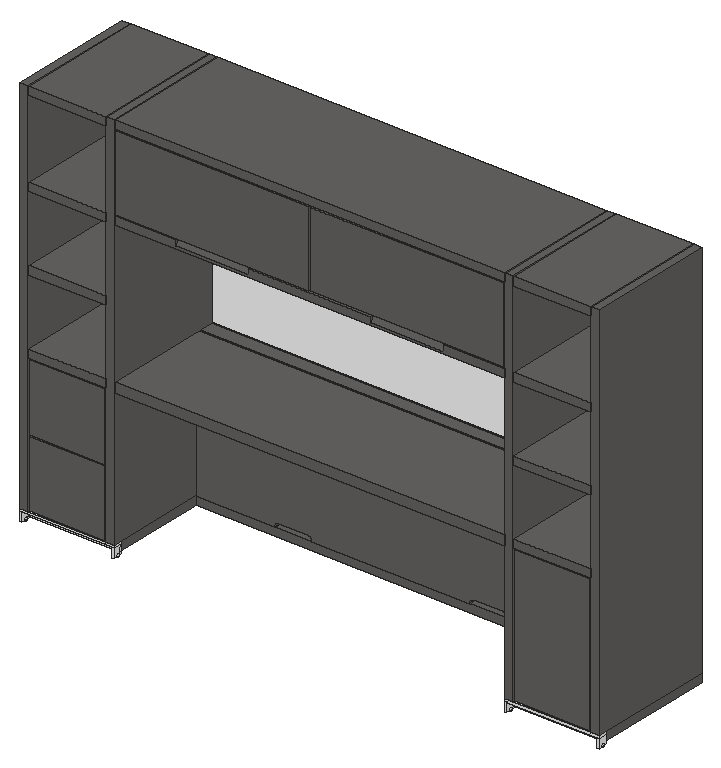
Revit family "Storage-Wall-Teknion-ZXDO_74_High_Without_Lights-R2011", category Furniture Systems, Revit 2013
Parameters (values of type "(See Type Catalog)")
  Working Wall Finish [instance] = Glass - Teknion - K6 - White Backpainted
  Width = 108 105/128"
  Warranty = "http://www.teknionstudio.com/pdfs/Teknion%20Studio%20Warranty.pdf"
  Wall Unit Finish [instance] = Veneer - Teknion - P7 - Grey Oak
  Unit Weight = 740.00 lbf
  URL = "www.teknionstudio.com"
  Right Storage Tower = Storage-Unit-Teknion-Tower : Upper Shelves & Lower Door
  Left Storage Tower = Storage-Unit-Teknion-Tower : Upper Shelves & File/File Pedestal
  Series = "B&B Italia"
  Product Page URL = "http://www.teknionstudio.com/acexecutive/"
  Product Line = "AC Executive"
  Product Documentation Link = "http://www.teknionstudio.com/pricing/ac_executive_storage_walls_ppg.pdf"
  Part Number = "ZXDO"
  Model = ""
  Manufacturer Phone = "919-464-2920"
  Manufacturer Fax = "919-464-2927"
  Manufacturer Email = "customersupport@teknionstudio.com"
  Manufacturer Address = "3940 US 70 Business HWY West, Clayton, NC 27520"
  Manufacturer = "Teknion Studio"  # constant formula
  Low Emitting Material = yes
  Low Emitting Finish = yes
  Height = 73.81394"
  Description = ""
  Depth = 24"
  Assembly Code = "E2020200"
Reference planes (in)
  plane 1 "Center F/B": y = -1
  plane 2: z = 0
  plane 3 "Right": x = 46.32157
  plane 4 "Back": y = 11
  plane 5 "Front": y = -13
  plane 6 "Top": z = 73.81394
  plane 7: x = 28.60504
  plane 8: z = 29.68402
  plane 9: z = 56.1289
  plane 10: x = -44.7822
  plane 11: z = 2.1289
  plane 12 "Center (L/R)": x = -8.08858
  plane 13 "Foot Centerline": y = -12.2126
  plane 14 "Foot Centerline Front": y = -11.22835
  plane 15 "Foot Centerline Back": y = 9.22835
  plane 16: y = -9.484
  plane 17: x = -62.49874
Forms (in)
  Sweep 1, solid, material "Veneer - Teknion - P7 - Grey Oak" <- "Wall Unit Finish"
    path origin (0, -1, 0) x (1, 0, 0) y (0, 0, 1)
      loop
        line (-44.7822, 29.68402) -> (28.60504, 29.68402)
    profile origin (-8.08858, -1, 29.68402) x (0, 0, 1) y (0, -1, 0)
      loop
        line (0, 12) -> (-1.7638, 12) -> (-1.7638, -7.11393) -> (-5.30827, -7.11393) -> (-5.30827, -7.08268) -> (-27.55512, -7.08268) -> (-27.55512, -7.11393) -> (-29.0945, -7.11393) -> (-29.0945, -12) -> (-27.55512, -12) -> (-27.55512, -7.80668) -> (-5.30828, -7.80668) -> (-5.30828, -12) -> (44.12992, -12) -> (44.12992, 12) -> (42.59022, 12) -> (42.59022, 11.2126) -> (27.98392, 11.2126) -> (27.98392, 12) -> (26.44488, 12) -> (26.44488, -10.94094) -> (0, -10.94094) -> (0, -10.90969) -> (-0.72441, -10.90969) -> (-0.72441, -10.56693) -> (0, -10.56693) -> (0, -8.05709) -> (-0.72441, -8.05709) -> (-0.72441, -7.80709) -> (0, -7.80709) -> (0, 12)
  Sweep 2, solid, material "Veneer - Teknion - P7 - Grey Oak" <- "Wall Unit Finish"
    path origin (0, 0, 15.40683) x (-1, 0, 0) y (0, -1, 0)
      loop
        line (0, 13) -> (0, 12.276)
    profile origin (0, -12.638, 15.40683) x (-1, 0, 0) y (0, 0, 1)
      loop
        line (44.5315, 42.5111) -> (44.5315, 56.6174) -> (8.21358, 56.6174) -> (8.21358, 42.5111) -> (44.5315, 42.5111)
      loop
        line (7.96358, 56.6174) -> (-28.35446, 56.6174) -> (-28.35446, 42.5111) -> (7.96358, 42.5111) -> (7.96358, 56.6174)
  Sweep 3, void
    path origin (0, -1, 0) x (1, 0, 0) y (0, 0, 1)
      loop
        line (-33.3248, 56.1289) -> (-19.54528, 56.1289)
    profile origin (-26.43504, -1, 56.1289) x (0, 0, 1) y (0, -1, 0)
      loop
        line (1.53937, 12) -> (0.43699, 12) -> (1.53937, 11.52755) -> (1.53937, 12)
  Sweep 4, void
    path origin (0, -1, 0) x (1, 0, 0) y (0, 0, 1)
      loop
        line (3.36811, 56.1289) -> (17.14821, 56.1289)
    profile origin (10.25816, -1, 56.1289) x (0, 0, 1) y (0, -1, 0)
      loop
        line (1.53937, 11.52755) -> (1.53937, 12) -> (0.43699, 12) -> (1.53937, 11.52755)
  Sweep 5, void
    path origin (0, 0, 15.40683) x (-1, 0, 0) y (0, -1, 0)
      loop
        line (0, -6.80668) -> (0, -6.08268)
    profile origin (0, 6.44468, 15.40683) x (1, 0, 0) y (0, 0, 1)
      loop
        line (13.68307, 8.96892) -> (6.79331, 8.96892) -> (6.79331, 8.10396)
        arc (6.79331, 8.10396) -> (7.02393, 7.54718) -> (7.58071, 7.31655) r 0.7874
        line (7.58071, 7.31655) -> (12.89567, 7.31655)
        arc (12.89567, 7.31655) -> (13.45245, 7.54718) -> (13.68307, 8.10396) r 0.7874
        line (13.68307, 8.10396) -> (13.68307, 8.96892)
      loop
        line (6.79331, -13.27793) -> (13.68307, -13.27793) -> (13.68307, -13.12045)
        arc (13.68307, -13.12045) -> (13.46398, -12.59152) -> (12.93504, -12.37242) r 0.74803
        line (12.93504, -12.37242) -> (7.54134, -12.37242)
        arc (7.54134, -12.37242) -> (7.0124, -12.59152) -> (6.79331, -13.12045) r 0.74803
        line (6.79331, -13.12045) -> (6.79331, -13.27793)
      loop
        line (-29.86024, 8.96892) -> (-29.86024, 8.10396)
        arc (-29.86024, 8.10396) -> (-29.62961, 7.54718) -> (-29.07283, 7.31655) r 0.7874
        line (-29.07283, 7.31655) -> (-23.75787, 7.31655)
        arc (-23.75787, 7.31655) -> (-23.2011, 7.54718) -> (-22.97047, 8.10396) r 0.7874
        line (-22.97047, 8.10396) -> (-22.97047, 8.96892) -> (-29.86024, 8.96892)
      loop
        line (-22.97047, -13.27793) -> (-22.97047, -13.12045)
        arc (-22.97047, -13.12045) -> (-23.18957, -12.59152) -> (-23.7185, -12.37242) r 0.74803
        line (-23.7185, -12.37242) -> (-29.1122, -12.37242)
        arc (-29.1122, -12.37242) -> (-29.64114, -12.59152) -> (-29.86024, -13.12045) r 0.74803
        line (-29.86024, -13.12045) -> (-29.86024, -13.27793) -> (-22.97047, -13.27793)
Cuts and joins
  Sweep 3, Sweep 4, Sweep 5 cuts Sweep 1
Lines and regions (in)
  Masking region 1
    outline origin (0, 0, 15.40683) x (-1, 0, 0) y (0, -1, 0)
      loop
        line (44.7822, -11) -> (44.7822, 13) -> (-28.60504, 13) -> (-28.60504, -11) -> (44.7822, -11)
  symbolic lines, style "Elevation Swing"
    curve 1: line (-44.7822, -13, 57.66827) -> (-26.43539, -13, 72.02424)
    curve 2: line (-8.08858, -13, 57.66832) -> (-26.43539, -13, 72.02424)
    curve 3: line (-8.08858, -1, 57.66832) -> (10.25823, -1, 72.19583)
    curve 4: line (10.25823, -1, 72.19583) -> (28.60504, -1, 57.66827)
  symbolic lines, style "FurnitureSystemsHiddenLines", detail levels fine
    curve 5: line (28.60504, -12.276, 15.40683) -> (-44.7822, -12.276, 15.40683)
Dimensions and locks (in)
  equal spacing: plane 4 "Back", plane 1 "Center F/B", plane 5 "Front"
  "Depth": plane 4 "Back" to plane 5 "Front"
  locked: plane 7 to plane 3 "Right" at 17.71654
  "Height": plane 6 "Top" to plane 2
  locked: plane 8 to plane 2 at 29.68402
  locked: plane 9 to plane 8 at 26.44488
  locked: plane 11 to plane 2 at 2.1289
  locked: plane 5 "Front" to plane 13 "Foot Centerline" at 0.7874
  locked: plane 11 to Sweep 1 sketch curve at 1.53939
  locked: plane 8 to Sweep 1 sketch curve at 1.7638
  locked: plane 5 "Front" to Sweep 2 sketch curve at 0.724
  plane 6 "Top" to Sweep 2 sketch curve to Sweep 2 sketch curve = 1.7897" locked, 14.1063" locked  (x2)
  Sweep 2 sketch curve to Sweep 2 sketch curve to plane 12 "Center (L/R)" to Sweep 2 sketch curve to Sweep 2 sketch curve = 36.31805" locked, 1/8" locked, 1/8" locked, 36.31791" locked
  locked: Sweep 3 sketch curve to Sweep 3 sketch curve at 13.77953
  locked: Sweep 3 sketch curve to plane 9 at 1.53937
  locked: Sweep 3 sketch curve to plane 9 at 0.43699
  locked: plane 5 "Front" to Sweep 3 sketch curve at 0.47245
  Sweep 4 sketch curve to Sweep 4 sketch curve to plane 9 = 1.10238" locked, 0.43699" locked
  locked: plane 5 "Front" to Sweep 4 sketch curve at 0.47245
  locked: Sweep 5 sketch curve to plane 11 at 0.90551  (x2)
  locked: Sweep 5 sketch curve to Sweep 5 sketch curve at 6.88976  (x4)
  plane 8 to Sweep 5 sketch curve to Sweep 5 sketch curve = 5.30827" locked, 1 167/256" locked  (x2)
  plane 4 "Back" to Sweep 5 sketch curve to Sweep 5 sketch curve = 4.19332" locked, 0.724" locked
  equal spacing: plane 12 "Center (L/R)", curve 2, plane 10
  equal spacing: plane 7, curve 4, plane 12 "Center (L/R)"
  locked: plane 5 "Front" to curve 5 at 0.724
  locked: plane 4 "Back" to plane 15 "Foot Centerline Back" at 1.77165
  locked: plane 5 "Front" to plane 14 "Foot Centerline Front" at 1.77165
  locked: plane 5 "Front" to plane 16 at 3.516
  locked: plane 17 to plane 10 at 17.71654
  equal spacing: plane 17, plane 12 "Center (L/R)", plane 3 "Right"
  "Width": plane 17 to plane 3 "Right"
  aligned and locked: level to plane 2
  aligned and locked: nested 1 to plane 3 "Right"
  aligned and locked: plane 10 to Sweep 1 sketch curve
  aligned and locked: plane 7 to Sweep 1 sketch curve
  aligned and locked: Sweep 1 sketch curve to plane 8  (x4)
  aligned and locked: Sweep 1 sketch curve to plane 5 "Front"
  aligned and locked: plane 4 "Back" to Sweep 1 sketch curve
  aligned and locked: plane 5 "Front" to Sweep 2 sketch curve
  aligned and locked: Sweep 1 sketch curve to plane 9
  aligned and locked: Sweep 3 sketch curve to plane 9
  aligned and locked: Sweep 4 sketch curve to plane 9
  aligned and locked: Sweep 4 sketch curve to plane 5 "Front"
  aligned and locked: Sweep 5 sketch curve to plane 11
  aligned and locked: plane 10 to curve 1
  aligned and locked: plane 12 "Center (L/R)" to curve 2
  aligned and locked: Sweep 2 to curve 2
  aligned and locked: plane 7 to curve 4
  aligned and locked: plane 12 "Center (L/R)" to curve 3
  aligned and locked: Masking region 1 sketch curve to plane 4 "Back"
  aligned and locked: Masking region 1 sketch curve to plane 5 "Front"
  aligned and locked: Masking region 1 sketch curve to nested 1
  aligned and locked: plane 7 to curve 5
  aligned and locked: plane 5 "Front" to Sweep 3 sketch curve
  aligned and locked: Sweep 1 sketch curve to plane 6 "Top"
  aligned and locked: plane 13 "Foot Centerline" to Sweep 1 sketch curve
  aligned and locked: plane 5 "Front" to Sweep 1 sketch curve  (x2)
  aligned and locked: plane 2 to nested 1
  aligned and locked: plane 1 "Center F/B" to nested 1
  aligned and locked: plane 11 to Sweep 5 sketch curve
  aligned and locked: plane 10 to Masking region 1 sketch curve
  aligned and locked: nested 2 to plane 17
  aligned and locked: nested 2 to plane 1 "Center F/B"
  aligned and locked: nested 2 to plane 6 "Top"
  aligned and locked: Sweep 1 sketch curve to plane 11
  aligned and locked: Sweep 1 sketch curve to plane 4 "Back"
Automatic sketch dimensions
  Sweep 4 sketch curve to plane 7 = 11.45683"
  plane 9 to curve 2 = 1.53942"
  plane 9 to curve 1 = 1.53937"
  plane 9 to curve 4 = 1.53937"
  plane 9 to curve 3 = 1.53942"
  curve 3 to plane 6 "Top" = 1.61811"
  Sweep 5 sketch curve to Sweep 5 sketch curve = 0.7874"  (x5)
  Sweep 5 sketch curve to Sweep 5 sketch curve = 0.74803"  (x3)
  Sweep 5 sketch curve to Sweep 5 sketch curve = 0.15748"
  plane 12 "Center (L/R)" to Sweep 2 sketch curve = 8.08858"
  plane 12 "Center (L/R)" to Sweep 4 sketch curve = 11.45669"
  plane 12 "Center (L/R)" to Sweep 5 sketch curve = 8.08858"
  profile plane to Sweep 5 sketch curve = 29.86024"
  Sweep 5 sketch curve to profile plane = 6.79331"  (x2)
  curve 5 to plane 10 = 0"
  Sweep 1 sketch curve to Sweep 1 sketch curve = 0"  (x2)
  profile plane to Sweep 1 sketch curve = 5.30828"
  profile plane to Sweep 1 sketch curve = 0.72441"  (x2)
  Sweep 1 sketch curve to Sweep 1 sketch curve = 1.53904"
  Sweep 1 sketch curve to Sweep 1 sketch curve = 1.5397"
  Sweep 1 sketch curve to Sweep 1 sketch curve = 1.05906"
  Sweep 1 sketch curve to Sweep 1 sketch curve = 1/32"  (x2)
  Sweep 1 sketch curve to Sweep 1 sketch curve = 0.34277"
  Sweep 1 sketch curve to Sweep 1 sketch curve = 2.50984"
  Sweep 1 sketch curve to Sweep 1 sketch curve = 1/4"
  Sweep 1 sketch curve to Sweep 1 sketch curve = 4.19332"
  Sweep 1 sketch curve to Sweep 1 sketch curve = 4.88607"
  Sweep 1 sketch curve to Sweep 1 sketch curve = 0.69316"
Nested families (in)
  nested 1: "Storage-Unit-Teknion-Tower" at (37.46331, -1, 0), Height <- "Height", type <- "Right Storage Tower", type "Upper Shelves & Lower Door"
    with Height 73.81394", Has Top Shelf no, Has Right Leg yes, Has Left Leg yes, Bottom Drawer Height 26.016"
  nested 2: "Storage-Unit-Teknion-Tower" at (-53.64047, -1, 0) x (-1, 0, 0) z (0, 0, 1), type <- "Left Storage Tower", Height <- "Height", type "Upper Shelves & File/File Pedestal"
    with Height 73.81394", Has Top Shelf no, Has Right Leg yes, Has Left Leg yes, Bottom Drawer Height 13.047"
Definition of nested family "Storage-Unit-Teknion-Tower"
  Parameters (values of type "Upper Wardrobe & Lower Door")
    Width = 17.71654"
    Warranty = "http://www.teknionstudio.com/pdfs/Teknion%20Studio%20Warranty.pdf"
    Wall Unit Finish = Veneer - Teknion - P8 - Light Brushed Oak
    URL = "www.teknionstudio.com"
    Series = "B&B Italia"  # constant formula
    Product Line = "AC Executive"  # constant formula
    Model = ""
    Middle Drawer Height = if(Has Top Drawer, 6.425", 12.719")  # 12.719"
    Manufacturer Phone = "919-464-2920"
    Manufacturer Fax = "919-464-2927"
    Manufacturer Email = "customersupport@teknionstudio.com"
    Manufacturer Address = "3940 US 70 Business HWY West, Clayton, NC 27520"
    Manufacturer = "Teknion Studio"  # constant formula
    Height [instance] = 73.81394"
    Has Top Shelf [instance] = and(Height > 75", Has Shelves)  # no
    Has Top Drawer = no
    Has Top Door = yes
    Has Shelves = no
    Has Right Leg [instance] = yes
    Has Middle Drawer = no
    Has Lower Shelf = yes
    Has Left Leg [instance] = no
    Has Full Wardrobe Door = no
    Has Doors = yes
    Door Projection Symbol = yes
    Description = "Tower Storage Unit"
    Depth = 24"
    Bottom Drawer Height [instance] = if(Has Middle Drawer, 13.047", if(Has Top Drawer, 13.047", if(Has Full Wardrobe Door, (Height - 3.668"), 26.016")))  # 26.016"
    Assembly Code = "E2010200"
  Types (7): name | Middle Drawer Height | Has Top Drawer | Has Top Door | Has Shelves | Has Middle Drawer | Has Lower Shelf | Has Full Wardrobe Door | Has Doors | Door Projection Symbol | Bottom Drawer Height
    Upper Shelves & Lower Door | 12.719" | no | no | yes | no | yes | no | yes | yes | 26.016"
    Upper Shelves & File/File Pedestal | 12.719" | no | no | yes | yes | yes | no | no | no | 13.047"
    Upper Shelves & Box/Box/File Pedestal | 6.425" | yes | no | yes | yes | yes | yes | no | no | 13.047"
    Full Wardrobe | 12.719" | no | no | no | no | no | yes | yes | yes | 70.14594"
    Upper Wardrobe & Lower Door | 12.719" | no | yes | no | no | yes | no | yes | yes | 26.016"
    Upper Wardrobe & File/File Pedestal | 12.719" | no | yes | no | yes | yes | no | no | yes | 13.047"
    Upper Wardrobe & Box/Box/File Pedestal | 6.425" | yes | yes | no | yes | yes | no | no | yes | 13.047"
  Reference planes (in)
    plane 1 "Center F/B": y = 0
    plane 2: z = 0
    plane 3 "Center L/R": x = 0
    plane 4 "Left": x = -8.85827
    plane 5 "Right": x = 8.85827
    plane 6 "Back": y = 12
    plane 7 "Front": y = -12
    plane 8 "Top": z = 73.81394
    plane 9: x = -7.3189
    plane 10: x = 7.3189
    plane 11: z = 2.1289
    plane 12 "Foot Centerline": y = -11.2126
    plane 13: z = 29.68402
    plane 14 "Drawer 1 Top": z = 28.1449
    plane 15 "Drawer 2 Top": z = 40.8639
    plane 16 "Drawer 3 Top": z = 27.89502
    plane 17: z = 42.13677
  Forms (in)
    Sweep 1, solid, material "Metal - Teknion - C6 - Chrome", visible <- "Has Left Leg"
      path origin (0, -12, 0) x (1, 0, 0) y (0, 0, 1)
        loop
          line (-8.85827, 1.7349) -> (-8.85827, 0.05803)
      profile origin (-8.85827, -12, 0.89646) x (0, -1, 0) y (1, 0, 0)
        loop
          line (-1.5748, 0) -> (0, 0) -> (0, 0.394) -> (-1.5748, 0.394) -> (-1.5748, 0)
    Sweep 2, solid, material "Metal - Teknion - C6 - Chrome"
      path origin (0, -12, 0) x (1, 0, 0) y (0, 0, 1)
        loop
          line (-8.85827, 2.1289) -> (8.46427, 2.1289)
      profile origin (-0.197, -12, 2.1289) x (0, 0, 1) y (0, -1, 0)
        loop
          line (-0.394, -1.5748) -> (-0.394, -1.3778) -> (-1.575, -1.3778) -> (-1.575, -1.5748) -> (-0.394, -1.5748)
    Revolve 3, solid, material "Metal - Teknion - C6 - Chrome"
      sketch origin (0, -11.2126, 0) x (0, 0, -1) y (1, 0, 0)
        loop
          line (-0.4911, 8.32677) -> (-0.45173, 8.2874) -> (-0.28492, 8.2874) -> (-0.24555, 8.32677) -> (-0.20618, 8.2874) -> (-0.03937, 8.2874) -> (0, 8.32677) -> (0, 8.66142) -> (-0.4911, 8.66142) -> (-0.4911, 8.32677)
        axis (0, 8.66142) -> (-0.4911, 8.66142)
      angle from 0 to 360
    Revolve 4, solid, material "Metal - Teknion - C6 - Chrome", visible <- "Has Left Leg"
      sketch origin (0, -11.2126, 0) x (0, 0, -1) y (1, 0, 0)
        loop
          line (0, -8.99606) -> (0, -8.66142) -> (-0.4911, -8.66142) -> (-0.4911, -8.99606) -> (-0.45173, -9.03543) -> (-0.28492, -9.03543) -> (-0.24555, -8.99606) -> (-0.20618, -9.03543) -> (-0.03937, -9.03543) -> (0, -8.99606)
        axis (0, -8.66142) -> (-0.4911, -8.66142)
      angle from 0 to 360
    Sweep 5, solid, material "Veneer - Teknion - P8 - Light Brushed Oak" <- "Wall Unit Finish"
      path origin (0, 0, 0) x (1, 0, 0) y (0, 0, 1)
        loop
          line (0, 2.1289) -> (0, 73.81394)
      profile origin (0, 0, 37.97142) x (-1, 0, 0) y (0, -1, 0)
        loop
          line (8.85827, -12) -> (8.85827, 12) -> (7.3189, 12) -> (7.3189, -12) -> (8.85827, -12)
        loop
          line (-7.3189, 12) -> (-8.85827, 12) -> (-8.85827, -12) -> (-7.3189, -12) -> (-7.3189, 12)
    Sweep 6, solid, material "Veneer - Teknion - P8 - Light Brushed Oak" <- "Wall Unit Finish"
      path origin (0, 0, 15.40683) x (-1, 0, 0) y (0, -1, 0)
        loop
          line (0, -12) -> (0, 12)
      profile origin (0, 0, 15.40683) x (1, 0, 0) y (0, 0, 1)
        loop
          line (-7.3189, 58.4071) -> (-7.3189, 56.86773) -> (7.3189, 56.86773) -> (7.3189, 58.4071) -> (-7.3189, 58.4071)
    Sweep 7, solid, material "Veneer - Teknion - P8 - Light Brushed Oak" <- "Wall Unit Finish"
      path origin (0, -12, 0) x (1, 0, 0) y (0, 0, 1)
        loop
          line (0, 2.1289) -> (0, 72.27457)
      profile origin (0, -12, 37.20173) x (-1, 0, 0) y (0, -1, 0)
        loop
          line (7.3189, -24) -> (7.3189, -23.25) -> (-7.3189, -23.25) -> (-7.3189, -24) -> (7.3189, -24)
    Sweep 8, solid, material "Veneer - Teknion - P8 - Light Brushed Oak" <- "Wall Unit Finish", visible <- "Has Lower Shelf"
      path origin (0, -12, 0) x (1, 0, 0) y (0, 0, 1)
        loop
          line (-7.3189, 29.68402) -> (7.3189, 29.68402)
      profile origin (0, -12, 29.68402) x (0, 0, 1) y (0, -1, 0)
        loop
          line (0, 0) -> (-1.539, 0) -> (-1.539, -0.724) -> (-27.55512, -0.724) -> (-27.55512, -23.25) -> (0, -23.25) -> (0, 0)
    Sweep 9, solid, material "Veneer - Teknion - P8 - Light Brushed Oak" <- "Wall Unit Finish"
      path origin (0, -12, 0) x (1, 0, 0) y (0, 0, 1)
        loop
          line (0, 2.3789) -> (0, 27.8949)
      profile origin (0, -12, 15.1369) x (-1, 0, 0) y (0, -1, 0)
        loop
          line (7.0689, -0.724) -> (7.0689, 0) -> (-7.0689, 0) -> (-7.0689, -0.724) -> (7.0689, -0.724)
    Sweep 10, solid, material "Veneer - Teknion - P8 - Light Brushed Oak" <- "Wall Unit Finish", visible <- "Has Middle Drawer"
      path origin (0, -12, 0) x (1, 0, 0) y (0, 0, 1)
        loop
          line (0, 28.1449) -> (0, 40.8639)
      profile origin (0, -12, 34.5044) x (-1, 0, 0) y (0, -1, 0)
        loop
          line (7.0689, -0.724) -> (7.0689, 0) -> (-7.0689, 0) -> (-7.0689, -0.724) -> (7.0689, -0.724)
    Sweep 11, solid, material "Veneer - Teknion - P8 - Light Brushed Oak" <- "Wall Unit Finish", visible <- "Has Top Drawer"
      path origin (0, -12, 0) x (1, 0, 0) y (0, 0, 1)
        loop
          line (0, 47.15802) -> (0, 41.1139)
      profile origin (0, -12, 44.13596) x (0, -1, 0) y (1, 0, 0)
        loop
          line (0, 7.0689) -> (-0.724, 7.0689) -> (-0.724, -7.0689) -> (0, -7.0689) -> (0, 7.0689)
    Sweep 12, solid, material "Veneer - Teknion - P8 - Light Brushed Oak" <- "Wall Unit Finish", visible <- "Has Shelves"
      path origin (0, -12, 0) x (1, 0, 0) y (0, 0, 1)
        loop
          line (0, 42.13677) -> (0, 43.67614)
      profile origin (0, -12, 42.90646) x (-1, 0, 0) y (0, -1, 0)
        loop
          line (7.3189, -23.25) -> (7.3189, 0) -> (-7.3189, 0) -> (-7.3189, -23.25) -> (7.3189, -23.25)
    Sweep 13, solid, material "Veneer - Teknion - P8 - Light Brushed Oak" <- "Wall Unit Finish", visible <- "Has Shelves"
      path origin (0, -12, 13.9918) x (1, 0, 0) y (0, 0, 1)
        loop
          line (0, 42.13677) -> (0, 43.67614)
      profile origin (0, -12, 56.89825) x (-1, 0, 0) y (0, -1, 0)
        loop
          line (7.3189, -23.25) -> (7.3189, 0) -> (-7.3189, 0) -> (-7.3189, -23.25) -> (7.3189, -23.25)
    Sweep 14, solid, material "Veneer - Teknion - P8 - Light Brushed Oak" <- "Wall Unit Finish", visible <- "Has Top Door"
      path origin (0, -12, 0) x (1, 0, 0) y (0, 0, 1)
        loop
          line (0, 29.93402) -> (0, 72.02457)
      profile origin (0, -12, 50.97929) x (-1, 0, 0) y (0, -1, 0)
        loop
          line (7.0689, -0.724) -> (7.0689, 0) -> (-7.0689, 0) -> (-7.0689, -0.724) -> (7.0689, -0.724)
    Sweep 15, solid, material "Veneer - Teknion - P8 - Light Brushed Oak" <- "Wall Unit Finish"
      path origin (0, -12, 0) x (1, 0, 0) y (0, 0, 1)
        loop
          line (-8.85827, 2.1289) -> (8.85827, 2.1289)
      profile origin (0, -12, 2.1289) x (0, 0, 1) y (0, -1, 0)
        loop
          line (0, -1.5748) -> (-1.53937, -1.5748) -> (-1.53937, -24) -> (0, -24) -> (0, -1.5748)
    Sweep 16, solid, material "Veneer - Teknion - P8 - Light Brushed Oak" <- "Wall Unit Finish", visible <- "Has Top Shelf"
      path origin (0, 0, 0) x (1, 0, 0) y (0, 0, 1)
        loop
          line (0, 73.81394) -> (0, 72.27457)
      profile origin (0, 0, 73.04425) x (0, -1, 0) y (1, 0, 0)
        loop
          line (-11.25, -7.3189) -> (12, -7.3189) -> (12, 7.3189) -> (-11.25, 7.3189) -> (-11.25, -7.3189)
    Sweep 17, solid, material "Metal - Teknion - C6 - Chrome"
      path origin (0, 0, 0) x (1, 0, 0) y (0, 0, 1)
        loop
          line (-8.85827, 2.1289) -> (8.85827, 2.1289)
      profile origin (0, 0, 2.1289) x (0, 0, 1) y (0, -1, 0)
        loop
          line (0, 10.4252) -> (0, 12) -> (-0.394, 12) -> (-0.394, 10.4252) -> (0, 10.4252)
    Sweep 18, solid, material "Metal - Teknion - C6 - Chrome"
      path origin (0, 0, 0) x (1, 0, 0) y (0, 0, 1)
        loop
          line (8.85827, 1.7349) -> (8.85827, 0.05803)
      profile origin (8.85827, 0, 0.89646) x (0, -1, 0) y (1, 0, 0)
        loop
          line (10.4252, -0.394) -> (12, -0.394) -> (12, 0) -> (10.4252, 0) -> (10.4252, -0.394)
  Lines and regions (in)
    Masking region 1
      outline origin (0, 0, 15.40683) x (-1, 0, 0) y (0, -1, 0)
        loop
          line (8.85827, -12) -> (8.85827, 12) -> (-8.85827, 12) -> (-8.85827, -12) -> (8.85827, -12)
    symbolic lines, style "FurnitureSystems", detail levels medium+fine
      curve 1: line (-7.3189, 12, 15.40683) -> (-7.3189, -12, 15.40683)
      curve 2: line (7.3189, 12, 15.40683) -> (7.3189, -12, 15.40683)
    symbolic lines, style "FurnitureSystemsHiddenLines", detail levels fine
      curve 3: line (-7.3189, -11.276, 15.40683) -> (7.3189, -11.276, 15.40683)
    symbolic lines, style "Elevation Swing", visible <- "Has Doors"
      curve 4: line (-7.3189, -12, 2.1289) -> (7.3189, -12, 15.1369)
      curve 5: line (7.3189, -12, 15.1369) -> (-7.3189, -12, 28.1449)
    symbolic lines, style "Elevation Swing", visible <- "Has Top Door"
      curve 6: line (-7.3189, -12, 29.68402) -> (7.3189, -12, 50.97929)
      curve 7: line (7.3189, -12, 50.97929) -> (-7.3189, -12, 72.27457)
    symbolic lines, style "FurnitureSystems", visible <- "Door Projection Symbol"
      curve 8: arc (-7.3189, -12, 0) -> (-3.03159, -22.35048, 0) -> (7.3189, -26.6378, 0) r 14.6378
    symbolic lines, visible <- "Door Projection Symbol"
      curve 9: line (7.3189, -12, 15.40683) -> (7.3189, -26.6378, 15.40683)
  Dimensions and locks (in)
    equal spacing: plane 4 "Left", plane 3 "Center L/R", plane 5 "Right"
    "Width": plane 4 "Left" to plane 5 "Right"
    equal spacing: plane 6 "Back", plane 1 "Center F/B", plane 7 "Front"
    "Depth": plane 6 "Back" to plane 7 "Front"
    locked: plane 4 "Left" to plane 9 at 1.53937
    locked: plane 10 to plane 5 "Right" at 1.53937
    "Height": plane 8 "Top" to level
    locked: Sweep 1 sketch curve to level at 0.05803
    locked: plane 11 to plane 2 at 2.1289
    plane 11 to Sweep 2 sketch curve to Sweep 2 sketch curve = 0.394" locked, 1.181" locked
    plane 7 "Front" to Sweep 2 sketch curve to Sweep 2 sketch curve = 1.3778" locked, 0.197" locked
    locked: Revolve 3 sketch curve to plane 2 at 0.4911  (x2)
    locked: plane 5 "Right" to Revolve 3 sketch curve at 0.57087
    locked: plane 7 "Front" to plane 12 "Foot Centerline" at 0.7874
    Revolve 3 sketch curve to Revolve 3 sketch curve to Revolve 3 sketch curve to Revolve 3 sketch curve to plane 2 = 0.16681" locked, 0.07874" locked, 0.16681" locked, 0.03937" locked
    locked: Revolve 4 sketch curve to plane 2 at 0.4911  (x2)
    locked: Revolve 4 sketch curve to Revolve 4 sketch curve at 0.37402
    Revolve 4 sketch curve to Revolve 4 sketch curve to Revolve 4 sketch curve to Revolve 4 sketch curve to plane 2 = 0.16681" locked, 0.07874" locked, 0.16681" locked, 0.03937" locked
    locked: Revolve 4 sketch curve to plane 4 "Left" at 0.19685
    locked: plane 8 "Top" to Sweep 6 sketch curve at 1.53937
    locked: plane 8 "Top" to Sweep 7 sketch curve at 1.53937
    locked: plane 6 "Back" to Sweep 7 sketch curve at 0.75
    locked: plane 13 to plane 2 at 29.68402
    locked: plane 7 "Front" to Sweep 8 sketch curve at 0.724
    locked: plane 13 to Sweep 8 sketch curve at 1.539
    locked: plane 13 to plane 16 "Drawer 3 Top" at 1.789
    "Bottom Drawer Height": plane 14 "Drawer 1 Top" to plane 11
    "Middle Drawer Height": plane 15 "Drawer 2 Top" to plane 14 "Drawer 1 Top"
    locked: plane 14 "Drawer 1 Top" to Sweep 9 sketch curve at 0.25
    locked: plane 7 "Front" to Sweep 9 sketch curve at 0.724
    locked: Sweep 10 sketch curve to plane 12 "Foot Centerline" at 0.0634
    locked: plane 7 "Front" to Sweep 11 sketch curve at 0.724
    locked: plane 17 to plane 13 at 12.45276
    group 1 to group 2 = 0"  (x2)
    group 1 to group 2 = 13.9918"
    locked: Sweep 13 to plane 17 at 13.9918
    locked: plane 8 "Top" to Sweep 14 sketch curve at 1.78937
    locked: Sweep 14 sketch curve to plane 13 at 0.25
    locked: plane 7 "Front" to Sweep 14 sketch curve at 0.724
    locked: plane 11 to Sweep 15 sketch curve at 1.53937
    locked: plane 7 "Front" to Sweep 15 sketch curve at 1.5748
    equal spacing: Sweep 6, curve 7, plane 13
    equal spacing: plane 14 "Drawer 1 Top", curve 5, plane 11
    locked: plane 6 "Back" to Sweep 16 sketch curve at 0.75
    Sweep 16 sketch curve to Sweep 16 sketch curve to plane 2 = 1.53937" locked, 72.27457" locked
    locked: Sweep 9 sketch curve to plane 11 at 0.25
    locked: plane 9 to Sweep 9 sketch curve at 0.25
    locked: Sweep 9 sketch curve to plane 10 at 0.25
    locked: Sweep 11 sketch curve to plane 15 "Drawer 2 Top" at 0.25
    locked: plane 9 to Sweep 11 sketch curve at 0.25
    locked: Sweep 11 sketch curve to plane 10 at 0.25
    locked: Sweep 10 sketch curve to plane 10 at 0.25
    locked: plane 9 to Sweep 10 sketch curve at 0.25
    locked: Sweep 11 sketch curve to Sweep 11 sketch curve at 6.04412
    locked: Sweep 14 sketch curve to plane 10 at 0.25
    locked: plane 9 to Sweep 14 sketch curve at 0.25
    locked: plane 4 "Left" to Sweep 1 sketch curve at 0.394
    locked: plane 7 "Front" to Sweep 1 sketch curve at 1.5748
    locked: plane 11 to Sweep 1 sketch curve at 0.394
    locked: Sweep 17 sketch curve to plane 7 "Front" at 1.5748
    locked: plane 11 to Sweep 17 sketch curve at 0.394
    locked: Sweep 18 sketch curve to plane 2 at 0.05803
    locked: Sweep 18 sketch curve to plane 5 "Right" at 0.394
    locked: plane 7 "Front" to Sweep 18 sketch curve at 1.5748
    locked: plane 11 to Sweep 18 sketch curve at 0.394
    locked: plane 5 "Right" to Sweep 2 sketch curve at 0.394
    aligned and locked: level to plane 2
    aligned and locked: Sweep 1 sketch curve to plane 4 "Left"
    aligned and locked: Sweep 2 sketch curve to plane 11
    aligned and locked: plane 2 to Revolve 3 sketch curve
    aligned and locked: Revolve 3 sketch curve to plane 2
    aligned and locked: plane 2 to Revolve 4 sketch curve
    aligned and locked: Revolve 4 sketch curve to plane 2
    aligned and locked: plane 8 "Top" to Sweep 5 sketch curve
    aligned and locked: plane 11 to Sweep 5 sketch curve
    aligned and locked: plane 3 "Center L/R" to Sweep 5 sketch curve
    aligned and locked: Sweep 5 sketch curve to plane 6 "Back"
    aligned and locked: plane 6 "Back" to Sweep 5 sketch curve
    aligned and locked: Sweep 5 sketch curve to plane 10
    aligned and locked: plane 5 "Right" to Sweep 5 sketch curve
    aligned and locked: Sweep 5 sketch curve to plane 9
    aligned and locked: plane 4 "Left" to Sweep 5 sketch curve
    aligned and locked: Sweep 5 sketch curve to plane 7 "Front"
    aligned and locked: plane 7 "Front" to Sweep 5 sketch curve
    aligned and locked: plane 6 "Back" to Sweep 6 sketch curve
    aligned and locked: plane 7 "Front" to Sweep 6 sketch curve
    aligned and locked: Sweep 6 sketch curve to plane 3 "Center L/R"
    aligned and locked: plane 9 to Sweep 6 sketch curve
    aligned and locked: Sweep 6 sketch curve to plane 8 "Top"
    aligned and locked: Sweep 6 sketch curve to plane 10
    aligned and locked: plane 11 to Sweep 7 sketch curve
    aligned and locked: plane 3 "Center L/R" to Sweep 7 sketch curve
    aligned and locked: plane 9 to Sweep 7 sketch curve
    aligned and locked: Sweep 7 sketch curve to plane 10
    aligned and locked: Sweep 7 sketch curve to plane 6 "Back"
    aligned and locked: plane 9 to Sweep 8 sketch curve
    aligned and locked: plane 10 to Sweep 8 sketch curve
    aligned and locked: Sweep 8 sketch curve to plane 13  (x2)
    aligned and locked: plane 7 "Front" to Sweep 8 sketch curve
    aligned and locked: Sweep 8 sketch curve to plane 11
    aligned and locked: plane 3 "Center L/R" to Sweep 9 sketch curve
    aligned and locked: Sweep 9 sketch curve to plane 7 "Front"
    aligned and locked: plane 15 "Drawer 2 Top" to Sweep 10 sketch curve
    aligned and locked: plane 14 "Drawer 1 Top" to Sweep 10 sketch curve
    aligned and locked: plane 3 "Center L/R" to Sweep 10 sketch curve
    aligned and locked: plane 7 "Front" to Sweep 10 sketch curve
    aligned and locked: Sweep 11 sketch curve to plane 3 "Center L/R"
    aligned and locked: Sweep 11 sketch curve to plane 7 "Front"
    aligned and locked: Sweep 13 to plane 9
    aligned and locked: plane 3 "Center L/R" to Sweep 14 sketch curve
    aligned and locked: Sweep 14 sketch curve to plane 7 "Front"
    aligned and locked: plane 4 "Left" to Sweep 15 sketch curve
    aligned and locked: plane 5 "Right" to Sweep 15 sketch curve
    aligned and locked: Sweep 15 sketch curve to plane 11  (x2)
    aligned and locked: Sweep 15 sketch curve to plane 6 "Back"
    aligned and locked: plane 4 "Left" to Masking region 1 sketch curve
    aligned and locked: Masking region 1 sketch curve to plane 6 "Back"
    aligned and locked: Masking region 1 sketch curve to plane 5 "Right"
    aligned and locked: Masking region 1 sketch curve to plane 7 "Front"
    aligned and locked: plane 6 "Back" to curve 1
    aligned and locked: curve 1 to plane 9
    aligned and locked: plane 7 "Front" to curve 2
    aligned and locked: plane 6 "Back" to curve 2
    aligned and locked: curve 2 to plane 10
    aligned and locked: plane 9 to curve 3
    aligned and locked: plane 10 to curve 3
    aligned and locked: curve 3 to Sweep 14
    aligned and locked: plane 11 to curve 4
    aligned and locked: plane 9 to curve 4
    aligned and locked: plane 10 to curve 5
    aligned and locked: plane 9 to curve 5
    aligned and locked: plane 14 "Drawer 1 Top" to curve 5
    aligned and locked: plane 13 to curve 6
    aligned and locked: plane 9 to curve 6
    aligned and locked: plane 9 to curve 7
    aligned and locked: curve 7 to Sweep 6
    aligned and locked: plane 7 "Front" to curve 8
    aligned and locked: curve 8 to plane 10
    aligned and locked: Sweep 16 sketch curve to plane 3 "Center L/R"
    aligned and locked: plane 9 to Sweep 16 sketch curve
    aligned and locked: Sweep 16 sketch curve to plane 10
    aligned and locked: Sweep 16 sketch curve to plane 7 "Front"
    aligned and locked: plane 4 "Left" to Sweep 17 sketch curve
    aligned and locked: plane 5 "Right" to Sweep 17 sketch curve
    aligned and locked: Sweep 17 sketch curve to plane 11  (x2)
    aligned and locked: Sweep 17 sketch curve to plane 7 "Front"
    aligned and locked: Sweep 18 sketch curve to plane 5 "Right"  (x2)
    aligned and locked: Sweep 18 sketch curve to plane 7 "Front"
    aligned and locked: plane 4 "Left" to Sweep 2 sketch curve
  Automatic sketch dimensions
    Revolve 3 sketch curve to Revolve 3 sketch curve = 0.03937"  (x3)
    Revolve 3 sketch curve to Revolve 3 sketch curve = 0"  (x2)
    Revolve 3 sketch curve to plane 5 "Right" = 0.19685"
    Revolve 4 sketch curve to Revolve 4 sketch curve = 0.03937"  (x3)
    Revolve 4 sketch curve to Revolve 4 sketch curve = 0"  (x2)
    Sweep 12 sketch curve to Sweep 12 sketch curve = 1.53937"
    profile plane to Sweep 12 sketch curve = 0"
    profile plane to Sweep 12 sketch curve = 7.3189"
    Sweep 12 sketch curve to profile plane = 7.3189"
    Sweep 12 sketch curve to profile plane = 23 1/4"
    Sweep 13 sketch curve to Sweep 13 sketch curve = 1.53937"
    profile plane to Sweep 13 sketch curve = 0"
    profile plane to Sweep 13 sketch curve = 7.3189"
    Sweep 13 sketch curve to profile plane = 7.3189"
    Sweep 13 sketch curve to profile plane = 23 1/4"
    Sweep 8 sketch curve to Sweep 8 sketch curve = 22.526"
    curve 7 to plane 10 = 0"
    curve 8 to plane 9 = 0"
    plane 7 "Front" to curve 1 = 0"
    plane 7 "Front" to curve 9 = 14.6378"
    Sweep 1 sketch curve to profile plane = 0"
    plane 7 "Front" to Sweep 1 sketch curve = 0"
